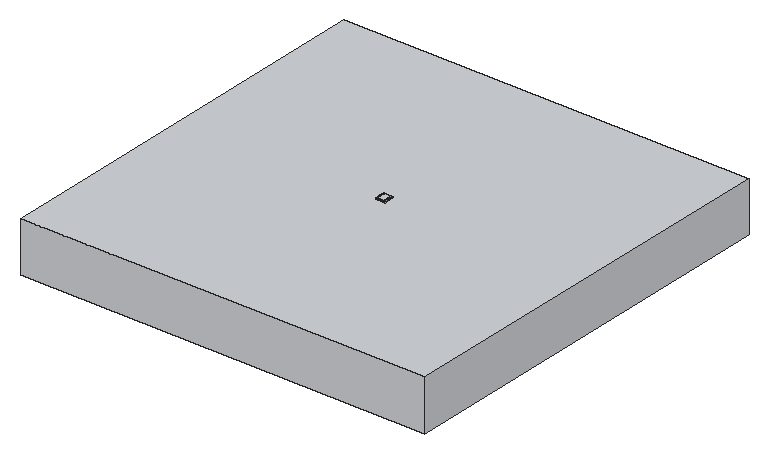
Revit family "Gira_510300", category Allgemeines Modell, Revit 2017
Family settings
  Basisbauteil = Fläche
  Kann Basisbauteil für Bewehrung sein = Nein
  Bemaßung runder Anschluss = Durchmesser verwenden
  Teiletyp = Normal
  Beim Laden mit Abzugskörper schneiden = Nein
  Gemeinsam genutzt = Nein
  Raumberechnungspunkt = Nein
Parameters (values of type "RF Tastsens. 3f KNX")
  Werkstoffgüte = "sonstige"
  Werkstoff Text = "sonstige"
  Default Elevation = 1219.2 mm
  URL = "https://www.gira.de/"
  Typname = "RF Tastsens. 3f KNX"
  Type Comments = ""
  Transparent = no
  Schutzart (IP) = "IP20"
  Produktseite = "https://media.stage.bim.site/t/eyJhbGciOiJIUzI1NiIsInR5cCI6IkpXVCJ9.eyJjdCI6MiwidHUiOiJodHRwOi8va2F0YWxvZy5naXJhLmRlL2RlX0RFL2RhdGVuYmxhdHQuaHRtbD9hcnRpa2VsbnI9NTEwMzAwIiwiY2lkIjoiMzI3N2NjMjMtODFhOS00ZWUzLWE5MGEtYjQ3YmI0YzBiNjE2IiwicmlkIjoiN2QyMmE0ODNkOTVlNmJiMjhhY2U0YWZmMmEwMGE5NGIiLCJwaWQiOiJjMmUxOTc4NzI2YTc3NzIxOWRiNDQ0ODU2MjlkMzRiMGFlZmJhYmM3Iiwic2lkIjoiNjM0NzAiLCJ1dCI6MSwibGMiOiJkZSIsImlhdCI6MTYwMDkyNTA0MywiaXNzIjoiaHR0cHM6Ly9hcGkubGl2ZS5iaW0uc2l0ZSIsInN1YiI6ImFkbWluQGJpbXNpdGUuZGV2In0.A_WoPqYdLFv5y5wV5Tx-VnezhVrbrOlnCoqn3v4j24o"
  Oberfläche Text = "sonstige"
  Montageart = "Unterputz"
  Model = ""
  Mit Raumthermostat = no
  Mit LED-Anzeige = yes
  Mit Infrarotsensor = no
  Mit Display = no
  Mit Diebstahl-/Demontageschutz = no
  Mit Busankopplung = no
  Mit Beschriftungsfeld = no
  Kosten = 0
  Hersteller = "Gira"
  HeinzeBIM = "https://www.heinze.de/bim/rf-tastsens-3f-knx/c2e1978726a777219db44485629d34b0aefbabc7"
  HAN = "510300"
  GTIN = "4010337017257"
  Farbe = "sonstige"
  Datenblatt 1 = "https://media.stage.bim.site/t/eyJhbGciOiJIUzI1NiIsInR5cCI6IkpXVCJ9.eyJjdCI6MSwidGYiOiJwdWJsaWMvZ2lyYS9hZThjNTU3LzUxMDMwMC50eHQiLCJjaWQiOiIzMjc3Y2MyMy04MWE5LTRlZTMtYTkwYS1iNDdiYjRjMGI2MTYiLCJyaWQiOiI3ZDIyYTQ4M2Q5NWU2YmIyOGFjZTRhZmYyYTAwYTk0YiIsInBpZCI6ImMyZTE5Nzg3MjZhNzc3MjE5ZGI0NDQ4NTYyOWQzNGIwYWVmYmFiYzciLCJzaWQiOiI2MzQ3MCIsInV0IjoxLCJsYyI6ImRlIiwiaWF0IjoxNjAwOTI1MDQzLCJpc3MiOiJodHRwczovL2FwaS5saXZlLmJpbS5zaXRlIiwic3ViIjoiYWRtaW5AYmltc2l0ZS5kZXYifQ.EsT1JICnRbpfYVi4zgF32zQxt50RIlbBeXtrKVCq3WY/510300.txt"
  Datenblatt = "https://media.stage.bim.site/t/eyJhbGciOiJIUzI1NiIsInR5cCI6IkpXVCJ9.eyJjdCI6MSwidHUiOiJodHRwczovL2thdGFsb2cuZ2lyYS5kZS9kZV9ERS9kb3dubG9hZC5odG1sP2FydGlrZWxucj01MTAzMDAiLCJjaWQiOiIzMjc3Y2MyMy04MWE5LTRlZTMtYTkwYS1iNDdiYjRjMGI2MTYiLCJyaWQiOiI3ZDIyYTQ4M2Q5NWU2YmIyOGFjZTRhZmYyYTAwYTk0YiIsInBpZCI6ImMyZTE5Nzg3MjZhNzc3MjE5ZGI0NDQ4NTYyOWQzNGIwYWVmYmFiYzciLCJzaWQiOiI2MzQ3MCIsInV0IjoxLCJsYyI6ImRlIiwiaWF0IjoxNjAwOTI1MDQzLCJpc3MiOiJodHRwczovL2FwaS5saXZlLmJpbS5zaXRlIiwic3ViIjoiYWRtaW5AYmltc2l0ZS5kZXYifQ.g0o6tNg9koWf5Gi4t9nqBaHf8aaKH6tyfwrYZfT-sP0"
  Bussystem Powernet = no
  Bussystem LON = no
  Bussystem KNX-Funk = yes
  Bussystem KNX = yes
  Bussystem Funkbus = no
  Beschreibung = "KNX RF Tastsensor 3fach System 55 Inbetriebnahme-Wippe Die KNX RF Tastsensoren senden bei Tastenbetätigung in Abhängigkeit der Parametereinstellung bei geladenem Applikationsprogramm drahtlos KNX Telegramme aus. Dies können bspw. Telegramme zum Schalten oder Tasten, zum Dimmen oder zur Jalousiesteuerung sein. Auch ist es möglich, Wertgeberfunktionen zu programmieren (Dimmwertgeber und Szenennebenstellen).  Merkmale:  Bestätigungsfunktion sowie Sende- und Statusanzeige über 2-farbige LED (rot grün) separat für jede Taste durch 2-stufige Anzeigefunktion.  Statusanzeige optional über separate 1-Bit-Status-Kommunikationsobjekte.  Sende- und Bestätigungsanzeige abschaltbar.  Auf Wänden kann der Tastsensor mittels Schrauben befestigt bzw. auf glatten oder transparenten Oberflächen mit einer Montageplatte aufgeklebt werden.  Projektierung, Inbetriebnahme und Parametrierung erfolgen über ETS (Version 5 oder neuer).  Batteriebetriebenes Gerät. Funktion Schalten\":  Wippen- oder Tastenfunktion.  Befehl beim Drücken und beim Loslassen parametrierbar (EIN, AUS, UM, keine Reaktion). Funktion \"Dimmen\":  Wippenfunktion.  Befehl beim Drücken der Wippe (rechte und linke Taste) parametrierbar (heller - EIN, dunkler - AUS). Funktion \"Jalousie\":  Wippenfunktion.  Befehl beim Drücken der Wippe (rechte und linke Taste) parametrierbar (AUF, AB, UM).  Zeit zwischen Kurz- und Langzeitbefehl parametrierbar. Funktionen \"Wertgeber\" und \"Szenennebenstelle\":  Wippenfunktion.  Befehl beim Drücken der Wippe (rechte und linke Taste) parametrierbar (Werte 0 bis 255, 0 bis 100% oder Szenennummer).  Bei Szenennebenstelle: Speicherfunktion möglich.  Hinweise :  Batterien sind Verbrauchsgüter und müssen regelmäßig ersetzt werden. Bitte beachten Sie die Vorschriften zur Entsorgung von gebrauchten Batterien.  Der Tastsensor wird mit einer programmneutralen Inbetriebnahme-Wippe geliefert. Das passende Wippenset zum Schalterprogramm ist separat zu bestellen.  Bei Verwendung von Wippensets und oder Abdeckrahmen kann es zu Reichweiteneinbußen kommen.\""
  Assembly Code = ""
  Keynote = ""
  BIMSITE_PRODUCT_ID = "c2e1978726a777219db44485629d34b0aefbabc7"
  BIM = "https://media.stage.bim.site/t/eyJhbGciOiJIUzI1NiIsInR5cCI6IkpXVCJ9.eyJjdCI6MSwidGYiOiJwdWJsaWMvZ2lyYS9hZThjNTU3L1NZUzU1X1Rhc3RzZW5zb3IucmZhIiwiY2lkIjoiMzI3N2NjMjMtODFhOS00ZWUzLWE5MGEtYjQ3YmI0YzBiNjE2IiwicmlkIjoiN2QyMmE0ODNkOTVlNmJiMjhhY2U0YWZmMmEwMGE5NGIiLCJwaWQiOiJjMmUxOTc4NzI2YTc3NzIxOWRiNDQ0ODU2MjlkMzRiMGFlZmJhYmM3Iiwic2lkIjoiNjM0NzAiLCJ1dCI6NSwibGMiOiJkZSIsImlhdCI6MTYwMDkyNTA0MywiaXNzIjoiaHR0cHM6Ly9hcGkubGl2ZS5iaW0uc2l0ZSIsInN1YiI6ImFkbWluQGJpbXNpdGUuZGV2In0.BFLLsWrkd9PSJlZtrLoqGRt6VHr0QCUj9KKTBdFGs2Y/SYS55_Tastsensor.rfa"
  Ausführung der Oberfläche = "nicht zutreffend"
  Anzahl der Tasten = 3
  Anzahl der Betätigungspunkte = 6
  Andere Bussysteme = "ohne"
Reference planes
  plane 1 "Center (Front/Back)": y = 0
  plane 2: z = 0
  plane 3 "Center (Left/Right)": x = 0
Forms (mm)
  Extrusion 1, solid
    sketch origin (0, 0, 0) x (1, 0, 0) y (0, 1, 0)
      loop
        line (-1219.2, 1219.2) -> (-1219.2, -1219.2) -> (1219.2, -1219.2) -> (1219.2, 1219.2) -> (-1219.2, 1219.2)
    from 0 to -304.8
  Extrusion 2, solid, detail levels fine
    sketch origin (0, 0, 0) x (1, 0, 0) y (0, 1, 0)
      loop
        line (-6.6, -21.3) -> (-6.6, -16) -> (6.6, -16) -> (6.6, -21.3) -> (7.4, -21.3) -> (7.4, -15.2) -> (-7.4, -15.2) -> (-7.4, -21.3) -> (-6.6, -21.3)
    from -9.5 to -1.5
  Extrusion 3, solid, detail levels fine
    sketch origin (0, 0, 0) x (1, 0, 0) y (0, 1, 0)
      loop
        circle (-5.08, -17.5) r 0.5
      loop
        circle (-2.54, -17.48) r 0.5
      loop
        circle (0, -17.5) r 0.5
      loop
        circle (2.54, -17.48) r 0.5
      loop
        circle (5.08, -17.5) r 0.5
      loop
        circle (5.08, -20.04) r 0.5
      loop
        circle (2.54, -20.02) r 0.5
      loop
        circle (0, -20.04) r 0.5
      loop
        circle (-2.54, -20.02) r 0.5
      loop
        circle (-5.08, -20.04) r 0.5
    from -8.48 to -1.5
  Extrusion 4, solid, detail levels fine
    sketch origin (0, 0, 0) x (1, 0, 0) y (0, 1, 0)
      loop
        arc (-23.95, -19.15) -> (-22.544, -22.544) -> (-19.15, -23.95) r 4.8
        line (-19.15, -23.95) -> (19.15, -23.95)
        arc (19.15, -23.95) -> (22.544, -22.544) -> (23.95, -19.15) r 4.8
        line (23.95, -19.15) -> (23.95, 19.15)
        arc (23.95, 19.15) -> (22.544, 22.544) -> (19.15, 23.95) r 4.8
        line (19.15, 23.95) -> (-19.15, 23.95)
        arc (-19.15, 23.95) -> (-22.544, 22.544) -> (-23.95, 19.15) r 4.8
        line (-23.95, 19.15) -> (-23.95, -19.15)
    from -1.5 to 0.5
  Extrusion 5, solid, detail levels fine
    sketch origin (0, 0, 0) x (1, 0, 0) y (0, 1, 0)
      loop
        line (27.6, -27.7) -> (27.6, -26.6) -> (26.1, -26.6) -> (26.1, -10.4) -> (27.45, -10.4) -> (27.45, -8.1) -> (26.1, -8.1) -> (26.1, 8.1) -> (27.45, 8.1) -> (27.45, 10.4) -> (26.1, 10.4) -> (26.1, 26.6) -> (27.6, 26.6) -> (27.6, 27.7) -> (-27.6, 27.7) -> (-27.6, 26.6) -> (-26.1, 26.6) -> (-26.1, 10.4) -> (-27.45, 10.4) -> (-27.45, 8.1) -> (-26.1, 8.1) -> (-26.1, -8.1) -> (-27.45, -8.1) -> (-27.45, -10.4) -> (-26.1, -10.4) -> (-26.1, -26.6) -> (-27.6, -26.6) -> (-27.6, -27.7) -> (27.6, -27.7)
    from 0 to 5.44
  Extrusion 6, solid, detail levels fine
    sketch origin (0, 0, 0) x (0, 1, 0) y (0, 0, 1)
      loop
        arc (15.5, 5.92) -> (15.146, 5.774) -> (15, 5.42) r 0.5
        line (15, 5.42) -> (15, 3.62)
        arc (15, 3.62) -> (15.146, 3.267) -> (15.5, 3.12) r 0.5
        line (15.5, 3.12) -> (21.5, 3.12)
        arc (21.5, 3.12) -> (21.854, 3.267) -> (22, 3.62) r 0.5
        line (22, 3.62) -> (22, 5.42)
        arc (22, 5.42) -> (21.854, 5.774) -> (21.5, 5.92) r 0.5
        line (21.5, 5.92) -> (15.5, 5.92)
      loop
        line (11.4, 1.3) -> (25.6, 1.3)
        arc (25.6, 1.3) -> (25.954, 1.446) -> (26.1, 1.8) r 0.5
        line (26.1, 1.8) -> (26.1, 5.7) -> (27.65, 5.7) -> (27.635, 7.4) -> (-27.635, 7.4) -> (-27.65, 5.7) -> (-26.1, 5.7) -> (-26.1, 1.8)
        arc (-26.1, 1.8) -> (-25.954, 1.446) -> (-25.6, 1.3) r 0.5
        line (-25.6, 1.3) -> (-11.4, 1.3)
        arc (-11.4, 1.3) -> (-11.046, 1.446) -> (-10.9, 1.8) r 0.5
        line (-10.9, 1.8) -> (-10.9, 5.7) -> (-8.05, 5.7) -> (-8.05, 1.8)
        arc (-8.05, 1.8) -> (-7.904, 1.446) -> (-7.55, 1.3) r 0.5
        line (-7.55, 1.3) -> (7.55, 1.3)
        arc (7.55, 1.3) -> (7.904, 1.446) -> (8.05, 1.8) r 0.5
        line (8.05, 1.8) -> (8.05, 5.7) -> (10.9, 5.7) -> (10.9, 1.8)
        arc (10.9, 1.8) -> (11.046, 1.446) -> (11.4, 1.3) r 0.5
      loop
        line (3, 5.92) -> (-3, 5.92)
        arc (-3, 5.92) -> (-3.354, 5.774) -> (-3.5, 5.42) r 0.5
        line (-3.5, 5.42) -> (-3.5, 3.62)
        arc (-3.5, 3.62) -> (-3.354, 3.267) -> (-3, 3.12) r 0.5
        line (-3, 3.12) -> (3, 3.12)
        arc (3, 3.12) -> (3.354, 3.267) -> (3.5, 3.62) r 0.5
        line (3.5, 3.62) -> (3.5, 5.42)
        arc (3.5, 5.42) -> (3.354, 5.774) -> (3, 5.92) r 0.5
      loop
        arc (-15.5, 3.12) -> (-15.146, 3.267) -> (-15, 3.62) r 0.5
        line (-15, 3.62) -> (-15, 5.42)
        arc (-15, 5.42) -> (-15.146, 5.774) -> (-15.5, 5.92) r 0.5
        line (-15.5, 5.92) -> (-21.5, 5.92)
        arc (-21.5, 5.92) -> (-21.854, 5.774) -> (-22, 5.42) r 0.5
        line (-22, 5.42) -> (-22, 3.62)
        arc (-22, 3.62) -> (-21.854, 3.267) -> (-21.5, 3.12) r 0.5
        line (-21.5, 3.12) -> (-15.5, 3.12)
    from -27.45 to -25
  Extrusion 7, solid, detail levels fine
    sketch origin (0, 0, 0) x (0, 1, 0) y (0, 0, -1)
      loop
        line (15.5, -5.92) -> (21.5, -5.92)
        arc (21.5, -5.92) -> (21.854, -5.774) -> (22, -5.42) r 0.5
        line (22, -5.42) -> (22, -3.62)
        arc (22, -3.62) -> (21.854, -3.267) -> (21.5, -3.12) r 0.5
        line (21.5, -3.12) -> (15.5, -3.12)
        arc (15.5, -3.12) -> (15.146, -3.267) -> (15, -3.62) r 0.5
        line (15, -3.62) -> (15, -5.42)
        arc (15, -5.42) -> (15.146, -5.774) -> (15.5, -5.92) r 0.5
      loop
        arc (11.4, -1.3) -> (11.046, -1.446) -> (10.9, -1.8) r 0.5
        line (10.9, -1.8) -> (10.9, -5.7) -> (8.05, -5.7) -> (8.05, -1.8)
        arc (8.05, -1.8) -> (7.904, -1.446) -> (7.55, -1.3) r 0.5
        line (7.55, -1.3) -> (-7.55, -1.3)
        arc (-7.55, -1.3) -> (-7.904, -1.446) -> (-8.05, -1.8) r 0.5
        line (-8.05, -1.8) -> (-8.05, -5.7) -> (-10.9, -5.7) -> (-10.9, -1.8)
        arc (-10.9, -1.8) -> (-11.046, -1.446) -> (-11.4, -1.3) r 0.5
        line (-11.4, -1.3) -> (-25.6, -1.3)
        arc (-25.6, -1.3) -> (-25.954, -1.446) -> (-26.1, -1.8) r 0.5
        line (-26.1, -1.8) -> (-26.1, -5.7) -> (-27.65, -5.7) -> (-27.635, -7.4) -> (27.635, -7.4) -> (27.65, -5.7) -> (26.1, -5.7) -> (26.1, -1.8)
        arc (26.1, -1.8) -> (25.954, -1.446) -> (25.6, -1.3) r 0.5
        line (25.6, -1.3) -> (11.4, -1.3)
      loop
        arc (3, -5.92) -> (3.354, -5.774) -> (3.5, -5.42) r 0.5
        line (3.5, -5.42) -> (3.5, -3.62)
        arc (3.5, -3.62) -> (3.354, -3.267) -> (3, -3.12) r 0.5
        line (3, -3.12) -> (-3, -3.12)
        arc (-3, -3.12) -> (-3.354, -3.267) -> (-3.5, -3.62) r 0.5
        line (-3.5, -3.62) -> (-3.5, -5.42)
        arc (-3.5, -5.42) -> (-3.354, -5.774) -> (-3, -5.92) r 0.5
        line (-3, -5.92) -> (3, -5.92)
      loop
        line (-15.5, -3.12) -> (-21.5, -3.12)
        arc (-21.5, -3.12) -> (-21.854, -3.267) -> (-22, -3.62) r 0.5
        line (-22, -3.62) -> (-22, -5.42)
        arc (-22, -5.42) -> (-21.854, -5.774) -> (-21.5, -5.92) r 0.5
        line (-21.5, -5.92) -> (-15.5, -5.92)
        arc (-15.5, -5.92) -> (-15.146, -5.774) -> (-15, -5.42) r 0.5
        line (-15, -5.42) -> (-15, -3.62)
        arc (-15, -3.62) -> (-15.146, -3.267) -> (-15.5, -3.12) r 0.5
    from -27.45 to -25
  Extrusion 8, solid, detail levels fine
    sketch origin (-82.195, -64.588, 0) x (1, 0, 0) y (0, 1, 0)
      loop
        line (54.545, 36.952) -> (109.845, 36.952) -> (109.845, 92.223) -> (54.545, 92.223) -> (54.545, 36.952)
    from 6.703 to 8.9
  Extrusion 9, solid, detail levels fine
    sketch origin (0, 0, 0) x (1, 0, 0) y (0, 1, 0)
      loop
        line (-19.2, 27) -> (-19.2, -27) -> (19.2, -27) -> (19.2, 27) -> (-19.2, 27)
    from 5.44 to 8
  Extrusion 10, solid, detail levels fine
    sketch origin (0, 0, 0) x (1, 0, 0) y (0, 1, 0)
      loop
        circle (-23.85, 0) r 1.269
      loop
        circle (23.85, 0) r 1.269
    from 6.703 to 9.6
  Extrusion 11, solid, detail levels medium
    sketch origin (0, 0, 0) x (1, 0, 0) y (0, 1, 0)
      loop
        line (27.65, 27.7) -> (-27.65, 27.7) -> (-27.65, -27.7) -> (27.65, -27.7) -> (27.65, 27.7)
    from 0 to 9.6
  Extrusion 12, solid, detail levels medium
    sketch origin (0, 0, 0) x (1, 0, 0) y (0, 1, 0)
      loop
        line (-23.95, -23.95) -> (23.95, -23.95) -> (23.95, 23.95) -> (-23.95, 23.95) -> (-23.95, -23.95)
    from -1.5 to 0.5
  Extrusion 13, solid, detail levels medium
    sketch origin (0, 0, 0) x (1, 0, 0) y (0, 1, 0)
      loop
        line (-7.4, -21.3) -> (7.4, -21.3) -> (7.4, -15.2) -> (-7.4, -15.2) -> (-7.4, -21.3)
    from -9.5 to -1.5
  Extrusion 14, solid, detail levels coarse
    sketch origin (0, 0, 0) x (1, 0, 0) y (0, 1, 0)
      loop
        line (27.65, 27.7) -> (-27.65, 27.7) -> (-27.65, -27.7) -> (27.65, -27.7) -> (27.65, 27.7)
    from -9.5 to 9.6
Dimensions and locks
  aligned and locked: plane 2 to Extrusion 1
  aligned and locked: level to Extrusion 1
Connectors
  electrical at (0, 0, -9.5)
    settings: on Extrusion 14, index 1, voltage 220 V, apparent load 0 VA, apparent load phase1 0 VA, apparent load phase2 0 VA, apparent load phase3 0 VA, power factor 1, load classification "Other", number of poles 1, system type 30, power factor state 1, is connector primary yes, connector utility no, sub classification motor no, connector description ""
